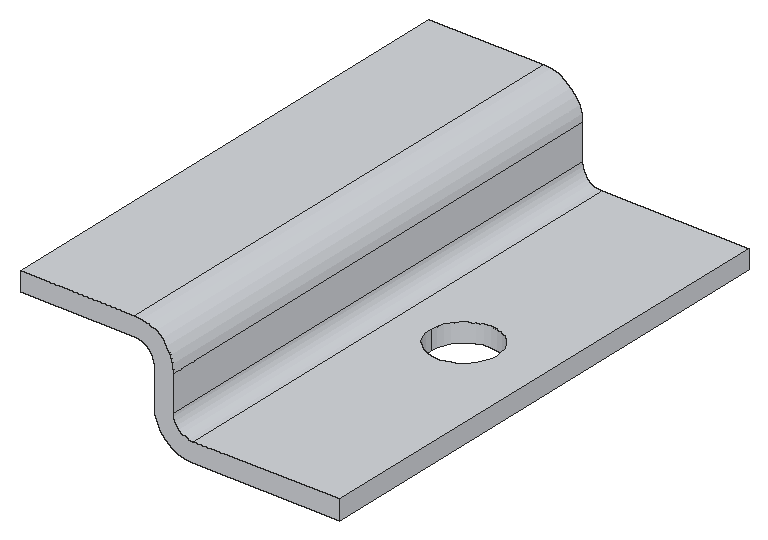
Revit family "Z-Niederhalter 80 mm, Loch 10,5", category HLS-Bauteile, Revit 2017
Family settings
  Bemaßung runder Anschluss = Durchmesser verwenden
  Teiletyp = Normal
  Arbeitsebenenbasiert = Ja
  Immer vertikal = Nein
  Beim Laden mit Abzugskörper schneiden = Nein
  Gemeinsam genutzt = Ja
  Raumberechnungspunkt = Nein
Parameters (values of type "Z Niederhalter 80, 1 Lo. 10,5")
  vpe = "1 St"
  max. zul. Abhebelast (Paar) = 4.50 kN
  max. Plattenstärke = "14,5 mm"
  Default Elevation = 1219.2 mm
  Stärke Material 2 = ""
  Stärke Material 1 = "3 mm"
  Regelhalter [instance] = ""
  Profiltyp = ""
  Oberflaeche = "galvanisch verzinkt"
  Mengeneinheit = "St"
  Materialname = "S235"
  Material = "Stahl"
  MD = 3 mm  # constant formula
  Länge = 80 mm
  L = 80 mm  # constant formula
  Kurztext2 = "max. Plattenstärke 14,5 mm gvz"
  Kurztext1 = "Z-Niederhalter Gleitplatte"
  Höhe = "17.5 mm"
  Gewicht pro Bauteil = Gewicht  # 0.114 kg
  Gewicht = 0.114 kg
  Firma = "MEFA Befestigungs- und Montagesysteme GmbH"
  Fabrikat = "MEFA"
  EAN = "4250928449023"
  D = 10.5 mm  # constant formula
  Breite = 50 mm
  Befestigungsloch = "10.5 mm"
  Artikelnummer = "077951201"
  Anzahl Befestigungsloch = "1 St"
  Achsabstand Lochung = ""
Reference planes
  plane 1 "Mitte (Vorne/hinten)": y = 0
  plane 2: z = 0
  plane 3 "Mitte (Links/rechts)": x = 0
  plane 4: x = 29
  plane 5: x = -21
  plane 6: z = 14.5
  plane 7: x = 16.5
  plane 8: y = 40
  plane 9: y = -40
Forms (mm)
  Sweep 1, solid
    path origin (0, 0, 0) x (1, 0, 0) y (0, 0, 1)
      loop
        line (29, 0) -> (6, 0)
        arc (6, 0) -> (1.757, 1.757) -> (0, 6) r 6
        line (0, 6) -> (0, 11.5)
        arc (0, 11.5) -> (-0.879, 13.621) -> (-3, 14.5) r 3
        line (-3, 14.5) -> (-21, 14.5)
    profile origin (17.5, 0, 0) x (0, 0, -1) y (0, -1, 0)
      loop
        line (0, 0) -> (0, 40) -> (-3, 40) -> (-3, -40) -> (0, -40) -> (0, 0)
  Extrusion 2, void
    sketch origin (0, 0, 0) x (1, 0, 0) y (0, 1, 0)
      loop
        circle (16.5, 0) r 5.25
    from -10 to 10
Cuts and joins
  Extrusion 2 cuts Sweep 1
Lines and regions (mm)
  model lines
    curve 1: line (16.5, 0, 12.493) -> (16.5, 0, -7.507)
    curve 2: line (9, 0, 0) -> (24, 0, 0)
    curve 3: line (16.5, 7.5, 0) -> (16.5, -7.5, 0)
Dimensions and locks
  equal spacing: plane 8, plane 1 "Mitte (Vorne/hinten)", plane 9, locked at 40 each
  "L": plane 8 to plane 9
  "MD": Sweep 1 sketch curve to Sweep 1 sketch curve
  "D": diameter of Extrusion 2 sketch curve
  aligned and locked: level to plane 2
  aligned and locked: plane 4 to Sweep 1 sketch curve
  aligned and locked: plane 5 to Sweep 1 sketch curve
  aligned and locked: Sweep 1 sketch curve to plane 3 "Mitte (Links/rechts)"
  aligned and locked: Sweep 1 sketch curve to level  (x2)
  aligned and locked: Sweep 1 sketch curve to plane 8
  aligned and locked: Sweep 1 sketch curve to plane 9
  aligned and locked: curve 1 to plane 7
  aligned and locked: curve 1 to plane 1 "Mitte (Vorne/hinten)"
Automatic sketch dimensions
  Sweep 1 sketch curve to plane 3 "Mitte (Links/rechts)" = 3 mm
  plane 3 "Mitte (Links/rechts)" to Sweep 1 sketch curve = 6 mm
  Sweep 1 sketch curve to plane 6 = 0 mm
  curve 1 to level = 7.507 mm
  curve 1 to plane 6 = 2.007 mm
  Sweep 1 sketch curve to plane 1 "Mitte (Vorne/hinten)" = 0 mm
  plane 1 "Mitte (Vorne/hinten)" to Extrusion 2 sketch curve = 0 mm
  Extrusion 2 sketch curve to plane 7 = 0 mm
  plane 1 "Mitte (Vorne/hinten)" to curve 2 = 0 mm
  plane 7 to curve 2 = 7.5 mm
  plane 4 to curve 2 = 5 mm
  curve 3 to plane 7 = 0 mm
  plane 1 "Mitte (Vorne/hinten)" to curve 3 = 7.5 mm
  curve 3 to plane 1 "Mitte (Vorne/hinten)" = 7.5 mm
